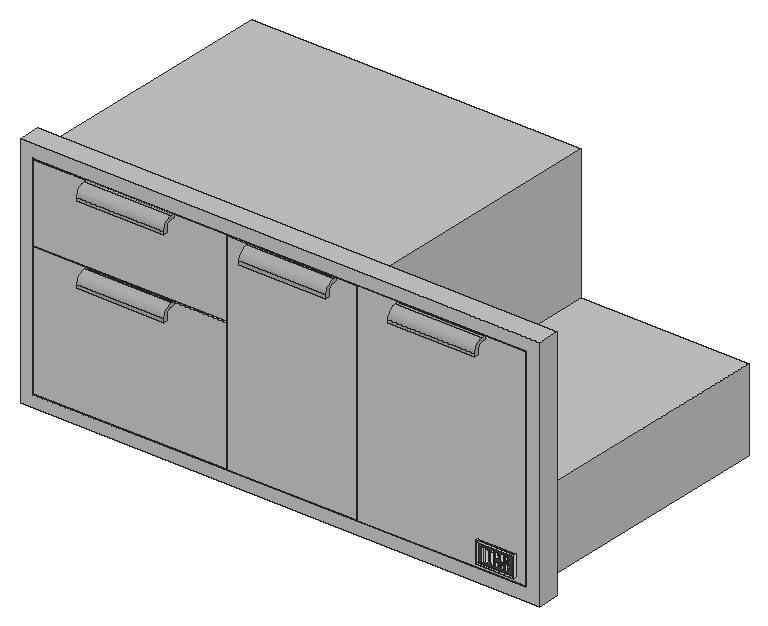
Revit family "DCS_Revit_18_ADR2-48_Storage_593513A", category Specialty Equipment, Revit 2018
Family settings
  Round Connector Dimension = Use Diameter
  Part Type = Normal
  OmniClass Number = 23.40.40.14.17.21
  OmniClass Title = Grills
  Work Plane-Based = No
  Always vertical = Yes
  Cut with Voids When Loaded = Yes
  Shared = No
  Room Calculation Point = No
Parameters (values of type "ADR2-48")
  Visibility - Clearance Required = yes
  URL = "www.dcsappliances.com"
  Product - Width = 1219 mm  # constant formula
  Product - Height = 556 mm  # constant formula
  Product - Depth = 676 mm  # constant formula
  Model = "ADR2-48"
  Material - Handle = DCS - Aluminium
  Material - Body = DCS - Stainless Steel
  Manufacturer = "Fisher & Paykel"
  Keynote = ""
  Description = "48\" Access Drawers Built-in"
  Chassis - Width = 1166 mm  # constant formula
  Chassis - Height = 507 mm  # constant formula
  Chassis - Depth = 595 mm  # constant formula
  Cavity - Width = 1168 mm  # constant formula
  Cavity - Height = 508 mm  # constant formula
  Cavity - Depth = 597 mm  # constant formula
Reference planes
  plane 1 "Center (Front/Back)": y = 0
  plane 2: z = 0
  plane 3 "Center (Left/Right)": x = 0
  plane 4 "Cavity - Height": z = 508
  plane 5 "Product LHS": x = -609.5
  plane 6 "Product RHS": x = 609.5
  plane 7 "Product - Depth": y = 595
  plane 8 "Cavity LHS": x = -584
  plane 9 "Cavity RHS": x = 584
  plane 10 "Cavity - Depth": y = 597
  plane 11 "Product - Front": y = -81
  plane 12 "Chassis LHS": x = -583
  plane 13 "Chassis RHS": x = 583
  plane 14 "Product - Height": z = 531
  plane 15 "Chassis - Height": z = 507
  plane 16 "Product - Lower": z = -25
Forms (mm)
  Extrusion 1, solid, material "DCS - Stainless Steel" <- "Material - Body"
    sketch origin (0, 0, 0) x (1, 0, 0) y (0, 0, 1)
      loop
        line (-609.5, 531) -> (-609.5, -25) -> (609.5, -25) -> (609.5, 531) -> (-609.5, 531)
      loop
        line (580.4, 3.6) -> (580.4, 502.4) -> (-580.4, 502.4) -> (-580.4, 3.6) -> (580.4, 3.6)
      loop
        line (-577.2, 499.263) -> (-577.2, 318.263) -> (-124.8, 318.263) -> (-124.8, 499.263) -> (-577.2, 499.263)
      loop
        line (-577.2, 6.737) -> (-124.8, 6.737) -> (-124.8, 315.063) -> (-577.2, 315.063) -> (-577.2, 6.737)
      loop
        line (576.8, 6.737) -> (576.8, 499.263) -> (182.8, 499.263) -> (182.8, 6.737) -> (576.8, 6.737)
      loop
        line (-121.6, 499.263) -> (-121.6, 6.737) -> (179.6, 6.737) -> (179.6, 499.263) -> (-121.6, 499.263)
    from 0 to 51
  Extrusion 2, solid, material "DCS - Stainless Steel" <- "Material - Body"
    sketch origin (0, 0, 0) x (1, 0, 0) y (0, 0, 1)
      loop
        line (-583, 507) -> (-583, 0) -> (583, 0) -> (583, 194.016) -> (190.757, 194.016) -> (190.757, 507) -> (-583, 507)
    from -595 to 0
  Extrusion 3, solid, material "DCS - Aluminium" <- "Material - Handle"
    sketch origin (0, 0, 0) x (0, 1, 0) y (0, 0, 1)
      loop
        arc (-56.834, 499.263) -> (-73.881, 492.617) -> (-81, 475.763) r 23.509
        line (-81, 475.763) -> (-81, 469.083) -> (-72.17, 469.083) -> (-72.17, 483.453)
        arc (-72.17, 483.453) -> (-66.093, 489.897) -> (-57.56, 492.273) r 16.51
        line (-57.56, 492.273) -> (-51, 492.273) -> (-51, 499.263) -> (-56.834, 499.263)
      loop
        arc (-56.834, 315.063) -> (-73.881, 308.417) -> (-81, 291.563) r 23.509
        line (-81, 291.563) -> (-81, 284.883) -> (-72.17, 284.883) -> (-72.17, 299.253)
        arc (-72.17, 299.253) -> (-66.093, 305.697) -> (-57.56, 308.073) r 16.51
        line (-57.56, 308.073) -> (-51, 308.073) -> (-51, 315.063) -> (-56.834, 315.063)
    from -452.8 to -248.8
  Extrusion 4, solid, material "DCS - Aluminium" <- "Material - Handle"
    sketch origin (0, 0, 0) x (0, 1, 0) y (0, 0, 1)
      loop
        arc (-56.834, 499.263) -> (-73.881, 492.617) -> (-81, 475.763) r 23.509
        line (-81, 475.763) -> (-81, 469.083) -> (-72.17, 469.083) -> (-72.17, 483.453)
        arc (-72.17, 483.453) -> (-66.093, 489.897) -> (-57.56, 492.273) r 16.51
        line (-57.56, 492.273) -> (-51, 492.273) -> (-51, 499.263) -> (-56.834, 499.263)
    from -72 to 132
  Extrusion 5, solid, material "DCS - Aluminium" <- "Material - Handle"
    sketch origin (0, 0, 0) x (0, 1, 0) y (0, 0, 1)
      loop
        arc (-56.834, 499.263) -> (-73.881, 492.617) -> (-81, 475.763) r 23.509
        line (-81, 475.763) -> (-81, 469.083) -> (-72.17, 469.083) -> (-72.17, 483.453)
        arc (-72.17, 483.453) -> (-66.093, 489.897) -> (-57.56, 492.273) r 16.51
        line (-57.56, 492.273) -> (-51, 492.273) -> (-51, 499.263) -> (-56.834, 499.263)
    from 277.8 to 481.8
  Extrusion 6, solid, material "DCS - Clearance Required", visible <- "Visibility - Clearance Required", detail levels coarse
    sketch origin (0, 0, 0) x (0, 1, 0) y (0, 0, 1)
      loop
        line (597, 508) -> (0, 508) -> (0, 0) -> (597, 0) -> (597, 508)
    from -584 to 584
  Extrusion 7, void
    sketch origin (0, 0, 0) x (0, 1, 0) y (0, 0, 1)
      loop
        line (597, 508) -> (0, 508) -> (0, 0) -> (597, 0) -> (597, 508)
    from -584 to 584
  Extrusion 8, solid, material "DCS - Clearance Required", visible <- "Visibility - Clearance Required", detail levels coarse
    sketch origin (0, 0, 0) x (0, 1, 0) y (0, 0, 1)
      loop
        arc (-499.394, 499.263) -> (-514.233, 492.391) -> (-521, 477.505) r 23.509
        line (-521, 477.505) -> (-521, 469.146) -> (-491, 469.146) -> (-491, 315.123) -> (-499.394, 315.123)
        arc (-499.394, 315.123) -> (-514.233, 308.251) -> (-521, 293.365) r 23.509
        line (-521, 293.365) -> (-521, 285.006) -> (-491, 285.006) -> (-491, 6.737) -> (-51, 6.737) -> (-51, 499.263) -> (-491, 499.263) -> (-499.394, 499.263)
    from -577.2 to 576.8
Text (mm)
  text "Due to ongoing product development, product details are subject to change without notice. \nPlease always refer to www.fisherpaykel.com for the most current product information. \n© Fisher & Paykel Appliances Ltd 2020" at (40.13, -602.118, 0), in view "Ref. Level (Plan)"
Dimensions and locks
  equal spacing: plane 5 "Product LHS", plane 3 "Center (Left/Right)", plane 6 "Product RHS"
  "Product - Width": plane 5 "Product LHS" to plane 6 "Product RHS"
  equal spacing: plane 8 "Cavity LHS", plane 3 "Center (Left/Right)", plane 9 "Cavity RHS"
  "Cavity - Width": plane 8 "Cavity LHS" to plane 9 "Cavity RHS"
  "Cavity - Depth": plane 10 "Cavity - Depth" to plane 1 "Center (Front/Back)"
  "Cavity - Height": plane 4 "Cavity - Height" to level
  equal spacing: plane 12 "Chassis LHS", plane 3 "Center (Left/Right)", plane 13 "Chassis RHS"
  "Chassis - Width": plane 12 "Chassis LHS" to plane 13 "Chassis RHS"
  "Chassis - Height": plane 15 "Chassis - Height" to level
  locked: level to plane 16 "Product - Lower" at 25
  "Product - Height": plane 16 "Product - Lower" to plane 14 "Product - Height"
  plane 5 "Product LHS" to plane 6 "Product RHS" = 1219 mm
  "Chassis - Depth": plane 7 "Product - Depth" to plane 1 "Center (Front/Back)"
  "Product - Depth": plane 7 "Product - Depth" to plane 11 "Product - Front"
  aligned and locked: level to plane 2
  aligned and locked: plane 13 "Chassis RHS" to Extrusion 2 sketch curve
  aligned and locked: level to Extrusion 2 sketch curve
  aligned and locked: Extrusion 2 sketch curve to plane 12 "Chassis LHS"
  aligned and locked: Extrusion 2 sketch curve to plane 15 "Chassis - Height"
  aligned and locked: plane 1 "Center (Front/Back)" to Extrusion 2
  aligned and locked: plane 7 "Product - Depth" to Extrusion 2
  aligned and locked: plane 8 "Cavity LHS" to Extrusion 6
  aligned and locked: Extrusion 6 to plane 9 "Cavity RHS"
  aligned and locked: plane 10 "Cavity - Depth" to Extrusion 6
  aligned and locked: Extrusion 7 to plane 9 "Cavity RHS"
  aligned and locked: Extrusion 7 to Extrusion 6
  aligned and locked: plane 8 "Cavity LHS" to Extrusion 7
  aligned and locked: plane 10 "Cavity - Depth" to Extrusion 7
Automatic sketch dimensions
  plane 3 "Center (Left/Right)" to Extrusion 2 sketch curve = 190.757 mm
  level to Extrusion 2 sketch curve = 194.016 mm
  Extrusion 3 sketch curve to plane 11 "Product - Front" = 0 mm  (x2)
  plane 11 "Product - Front" to Extrusion 3 sketch curve = 8.83 mm  (x2)
  Extrusion 3 sketch curve to Extrusion 3 sketch curve = 14.61 mm  (x2)
  Extrusion 3 sketch curve to Extrusion 3 sketch curve = 0.069 mm  (x2)
  Extrusion 3 sketch curve to Extrusion 3 sketch curve = 0.726 mm  (x2)
  Extrusion 3 sketch curve to Extrusion 3 sketch curve = 6.56 mm  (x2)
  Extrusion 3 sketch curve to plane 15 "Chassis - Height" = 222.117 mm
  Extrusion 3 sketch curve to Extrusion 3 sketch curve = 6.681 mm  (x2)
  Extrusion 3 sketch curve to Extrusion 3 sketch curve = 0 mm  (x2)
  Extrusion 3 sketch curve to Extrusion 3 sketch curve = 7.689 mm  (x2)
  Extrusion 3 sketch curve to plane 15 "Chassis - Height" = 37.917 mm
  Extrusion 4 sketch curve to plane 11 "Product - Front" = 0 mm
  plane 11 "Product - Front" to Extrusion 4 sketch curve = 8.83 mm
  Extrusion 4 sketch curve to Extrusion 4 sketch curve = 14.61 mm
  Extrusion 4 sketch curve to Extrusion 4 sketch curve = 0.069 mm
  Extrusion 4 sketch curve to Extrusion 4 sketch curve = 0.726 mm
  Extrusion 4 sketch curve to Extrusion 4 sketch curve = 6.56 mm
  Extrusion 4 sketch curve to plane 15 "Chassis - Height" = 37.917 mm
  Extrusion 4 sketch curve to Extrusion 4 sketch curve = 6.681 mm
  Extrusion 4 sketch curve to Extrusion 4 sketch curve = 0 mm
  Extrusion 4 sketch curve to Extrusion 4 sketch curve = 7.689 mm
  Extrusion 5 sketch curve to plane 11 "Product - Front" = 0 mm
  plane 11 "Product - Front" to Extrusion 5 sketch curve = 8.83 mm
  Extrusion 5 sketch curve to Extrusion 5 sketch curve = 14.61 mm
  Extrusion 5 sketch curve to Extrusion 5 sketch curve = 0.069 mm
  Extrusion 5 sketch curve to Extrusion 5 sketch curve = 0.726 mm
  Extrusion 5 sketch curve to Extrusion 5 sketch curve = 6.56 mm
  Extrusion 5 sketch curve to plane 15 "Chassis - Height" = 37.917 mm
  Extrusion 5 sketch curve to Extrusion 5 sketch curve = 6.681 mm
  Extrusion 5 sketch curve to Extrusion 5 sketch curve = 0 mm
  Extrusion 5 sketch curve to Extrusion 5 sketch curve = 7.689 mm
  Extrusion 6 sketch curve to plane 1 "Center (Front/Back)" = 0 mm
  Extrusion 6 sketch curve to level = 0 mm
  Extrusion 6 sketch curve to plane 10 "Cavity - Depth" = 0 mm
  Extrusion 6 sketch curve to plane 4 "Cavity - Height" = 0 mm
  Extrusion 7 sketch curve to plane 1 "Center (Front/Back)" = 0 mm
  Extrusion 7 sketch curve to level = 0 mm
  Extrusion 7 sketch curve to plane 10 "Cavity - Depth" = 0 mm
  Extrusion 7 sketch curve to plane 4 "Cavity - Height" = 0 mm
  plane 5 "Product LHS" to Extrusion 1 sketch curve = 0 mm
  plane 6 "Product RHS" to Extrusion 1 sketch curve = 0 mm
  Extrusion 1 sketch curve to plane 16 "Product - Lower" = 0 mm
  Extrusion 1 sketch curve to plane 14 "Product - Height" = 0 mm
  Extrusion 1 sketch curve to plane 12 "Chassis LHS" = 2.6 mm
  Extrusion 1 sketch curve to Extrusion 1 sketch curve = 3.2 mm  (x4)
  Extrusion 1 sketch curve to Extrusion 1 sketch curve = 0 mm  (x4)
  Extrusion 1 sketch curve to plane 15 "Chassis - Height" = 7.737 mm  (x2)
  Extrusion 1 sketch curve to plane 3 "Center (Left/Right)" = 124.8 mm  (x2)
  level to Extrusion 1 sketch curve = 6.737 mm
  plane 3 "Center (Left/Right)" to Extrusion 1 sketch curve = 179.6 mm
  plane 13 "Chassis RHS" to Extrusion 1 sketch curve = 6.2 mm
  plane 13 "Chassis RHS" to Extrusion 1 sketch curve = 2.6 mm
  level to Extrusion 1 sketch curve = 3.6 mm
  Extrusion 1 sketch curve to Extrusion 1 sketch curve = 184.2 mm
  Extrusion 1 sketch curve to Extrusion 1 sketch curve = 3.137 mm
  Extrusion 8 sketch curve to plane 11 "Product - Front" = 440 mm
  Extrusion 8 sketch curve to plane 15 "Chassis - Height" = 29.495 mm
  Extrusion 8 sketch curve to Extrusion 8 sketch curve = 0 mm
  Extrusion 8 sketch curve to plane 15 "Chassis - Height" = 7.737 mm
  Extrusion 8 sketch curve to Extrusion 8 sketch curve = 21.606 mm  (x2)
  Extrusion 8 sketch curve to Extrusion 8 sketch curve = 23.449 mm
  Extrusion 8 sketch curve to Extrusion 8 sketch curve = 1.843 mm
  Extrusion 8 sketch curve to Extrusion 8 sketch curve = 8.394 mm  (x2)
  Extrusion 8 sketch curve to Extrusion 8 sketch curve = 6.551 mm
  plane 11 "Product - Front" to Extrusion 8 sketch curve = 30 mm
  Extrusion 8 sketch curve to Extrusion 8 sketch curve = 6.681 mm
  Extrusion 8 sketch curve to Extrusion 8 sketch curve = 154.023 mm
  Extrusion 8 sketch curve to Extrusion 8 sketch curve = 21.758 mm
  Extrusion 8 sketch curve to Extrusion 8 sketch curve = 8.359 mm
  level to Extrusion 8 sketch curve = 6.737 mm
Nested families
  nested 1: "DCS Logo New Large" at (509.5, -51, 42.5), type "DCS Logo New Large"
Definition of nested family "DCS Logo New Large"
  Parameters (values of type "DCS Logo New Large")
    URL = "www.dcsappliances.com"
    Product - Width = 89.45 mm
    Product - Height = 49 mm
    Product - Depth = 6 mm
    Material - Logo = none
    Material - Body = none
    Manufacturer = "Fisher & Paykel Appliances"
  Reference planes
    plane 1 "Center (Front/Back)": y = 0
    plane 2: z = 0
    plane 3 "Center (Left/Right)": x = 0
    plane 4 "Product Top": z = 24.5
    plane 5 "Product LHS": x = -44.725
    plane 6 "Product RHS": x = 44.725
    plane 7 "Product - Depth": y = -6
    plane 8 "Product Bottom": z = -24.5
  Forms (mm)
    Extrusion 1, solid, material <- "Material - Logo", detail levels medium+fine
      sketch origin (0, 0, -0.347) x (1, 0, 0) y (0, 0, 1)
        loop
          line (-44.725, 24.847) -> (-44.725, -24.153) -> (44.725, -24.153) -> (44.725, 24.847) -> (-44.725, 24.847)
        loop
          line (-41.725, 21.847) -> (-41.725, -21.153) -> (41.725, -21.153) -> (41.725, 21.847) -> (-41.725, 21.847)
      from 0 to 6
    Extrusion 2, solid, material <- "Material - Body", detail levels medium+fine
      sketch origin (0, 0, 0) x (1, 0, 0) y (0, 0, 1)
        loop
          line (-41.725, 21.5) -> (-41.725, -21.5) -> (41.725, -21.5) -> (41.725, 21.5) -> (-41.725, 21.5)
      from 0 to 4.974
    Extrusion 3, solid, material <- "Material - Logo", detail levels fine
      sketch origin (0, 0, 0) x (1, 0, 0) y (0, 0, 1)
        loop
          line (-31.141, 15.364) -> (-31.141, -15.364) -> (-25.323, -15.364) -> (-25.323, 15.364) -> (-31.141, 15.364)
        loop
          arc (-20.07, -15.416) -> (-15.93, -13.415) -> (-14.252, -9.134) r 6.301
          line (-14.252, -9.134) -> (-14.252, 9.134)
          arc (-14.252, 9.134) -> (-15.93, 13.414) -> (-20.07, 15.412) r 6.296
          line (-20.07, 15.412) -> (-20.07, -15.416)
        loop
          arc (-8.445, -9.134) -> (-6.767, -13.414) -> (-2.627, -15.412) r 6.296
          line (-2.627, -15.412) -> (-2.627, 15.416)
          arc (-2.627, 15.416) -> (-6.767, 13.415) -> (-8.445, 9.134) r 6.301
          line (-8.445, 9.134) -> (-8.445, -9.134)
        loop
          arc (2.627, -15.377) -> (6.765, -13.401) -> (8.445, -9.134) r 6.259
          line (8.445, -9.134) -> (8.445, -4.011) -> (2.627, -4.011) -> (2.627, -15.377)
        loop
          arc (8.445, 9.134) -> (6.767, 13.414) -> (2.627, 15.412) r 6.296
          line (2.627, 15.412) -> (2.627, 4.011) -> (8.445, 4.011) -> (8.445, 9.134)
        loop
          line (20.07, -2.527) -> (20.07, 15.375)
          arc (20.07, 15.375) -> (15.932, 13.4) -> (14.252, 9.134) r 6.257
          line (14.252, 9.134) -> (14.252, 4.145)
          arc (14.252, 4.145) -> (16.005, -0.199) -> (20.07, -2.527) r 7.155
        loop
          line (14.252, -6.875) -> (14.252, -9.134)
          arc (14.252, -9.134) -> (15.93, -13.414) -> (20.07, -15.412) r 6.296
          line (20.07, -15.412) -> (20.07, -6.875) -> (14.252, -6.875)
        loop
          line (25.323, 2.499) -> (25.323, -15.378)
          arc (25.323, -15.378) -> (29.461, -13.401) -> (31.141, -9.134) r 6.259
          line (31.141, -9.134) -> (31.141, -4.145)
          arc (31.141, -4.145) -> (29.481, 0.271) -> (25.323, 2.499) r 6.702
        loop
          line (25.323, 6.875) -> (31.141, 6.875) -> (31.141, 9.134)
          arc (31.141, 9.134) -> (29.464, 13.419) -> (25.323, 15.427) r 6.313
          line (25.323, 15.427) -> (25.323, 6.875)
      from 4.974 to 6
  Dimensions and locks
    plane 7 "Product - Depth" to plane 1 "Center (Front/Back)" = 6 mm
    equal spacing: Extrusion 1 sketch curve, plane 3 "Center (Left/Right)", Extrusion 1 sketch curve
    "Product - Depth": plane 7 "Product - Depth" to plane 1 "Center (Front/Back)"
    equal spacing: plane 4 "Product Top", level, plane 8 "Product Bottom"
    "Product - Height": plane 4 "Product Top" to plane 8 "Product Bottom"
    equal spacing: plane 5 "Product LHS", plane 3 "Center (Left/Right)", plane 6 "Product RHS"
    "Product - Width": plane 5 "Product LHS" to plane 6 "Product RHS"
    aligned and locked: level to plane 2
    aligned and locked: Extrusion 1 to plane 7 "Product - Depth"
    aligned and locked: Extrusion 3 to plane 7 "Product - Depth"
    aligned and locked: plane 6 "Product RHS" to Extrusion 1 sketch curve
    aligned and locked: Extrusion 1 sketch curve to plane 4 "Product Top"
    aligned and locked: plane 8 "Product Bottom" to Extrusion 1 sketch curve
    aligned and locked: Extrusion 1 sketch curve to plane 5 "Product LHS"
    aligned and locked: Extrusion 2 sketch curve to Extrusion 1  (x4)
  Automatic sketch dimensions
    Extrusion 3 sketch curve to plane 5 "Product LHS" = 13.584 mm
    Extrusion 3 sketch curve to Extrusion 3 sketch curve = 5.818 mm  (x5)
    Extrusion 3 sketch curve to Extrusion 3 sketch curve = 4.771 mm
    Extrusion 3 sketch curve to Extrusion 3 sketch curve = 4.775 mm
    Extrusion 3 sketch curve to Extrusion 3 sketch curve = 6.296 mm
    Extrusion 3 sketch curve to Extrusion 3 sketch curve = 5.807 mm  (x3)
    Extrusion 3 sketch curve to plane 3 "Center (Left/Right)" = 2.627 mm
    Extrusion 3 sketch curve to plane 3 "Center (Left/Right)" = 2.149 mm
    Extrusion 3 sketch curve to plane 3 "Center (Left/Right)" = 2.144 mm
    plane 3 "Center (Left/Right)" to Extrusion 3 sketch curve = 2.148 mm
    plane 3 "Center (Left/Right)" to Extrusion 3 sketch curve = 2.186 mm
    plane 3 "Center (Left/Right)" to Extrusion 3 sketch curve = 2.627 mm  (x2)
    Extrusion 3 sketch curve to level = 2.527 mm
    Extrusion 3 sketch curve to Extrusion 3 sketch curve = 0 mm  (x3)
    Extrusion 3 sketch curve to Extrusion 3 sketch curve = 0.439 mm
    Extrusion 3 sketch curve to Extrusion 3 sketch curve = 0.478 mm
    level to Extrusion 3 sketch curve = 4.504 mm
    Extrusion 3 sketch curve to Extrusion 3 sketch curve = 0.889 mm
    Extrusion 3 sketch curve to Extrusion 3 sketch curve = 4.369 mm
    Extrusion 3 sketch curve to Extrusion 3 sketch curve = 4.32 mm
    Extrusion 3 sketch curve to Extrusion 3 sketch curve = 4.334 mm
    Extrusion 3 sketch curve to Extrusion 3 sketch curve = 5.254 mm  (x3)
    Extrusion 3 sketch curve to Extrusion 3 sketch curve = 6.702 mm
    Extrusion 3 sketch curve to level = 4.011 mm
    Extrusion 3 sketch curve to level = 4.145 mm
    Extrusion 3 sketch curve to Extrusion 3 sketch curve = 2.865 mm
    Extrusion 3 sketch curve to Extrusion 3 sketch curve = 4.989 mm
    Extrusion 3 sketch curve to Extrusion 3 sketch curve = 5.123 mm  (x2)
    Extrusion 3 sketch curve to Extrusion 3 sketch curve = 2.259 mm  (x2)
    Extrusion 3 sketch curve to level = 9.134 mm
    Extrusion 3 sketch curve to Extrusion 3 sketch curve = 6.23 mm  (x2)
    level to Extrusion 3 sketch curve = 4.011 mm
    level to Extrusion 3 sketch curve = 6.875 mm
    level to Extrusion 3 sketch curve = 9.134 mm
    Extrusion 3 sketch curve to Extrusion 3 sketch curve = 4.63 mm
    Extrusion 1 sketch curve to plane 5 "Product LHS" = 3 mm
    Extrusion 1 sketch curve to plane 4 "Product Top" = 3 mm
    plane 8 "Product Bottom" to Extrusion 1 sketch curve = 3 mm
